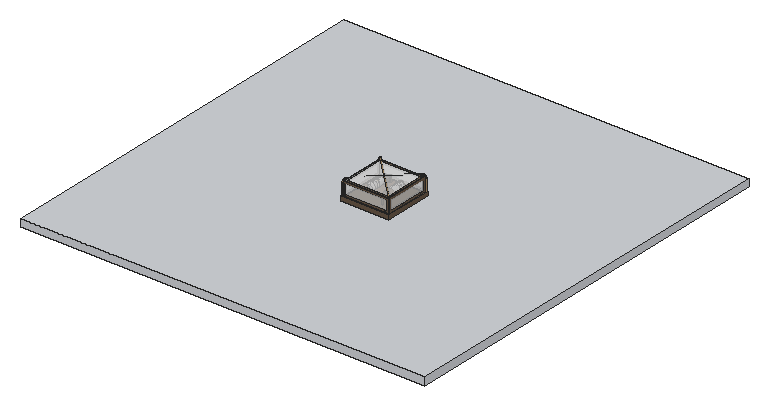
Revit family "P550069-020", category Lighting Fixtures, host Face, Revit 2014
Parameters (values of type "P550069-020")
  Watts = 60 W
  Wattage Comments = "60W"
  Warranty = "1 year Warranty"  # constant formula
  Voltage = 120 V
  URL = "https://www.hubbell.com/progresslighting/en"
  Support = Paint - Hubbell - Light Silver
  Product Link = "https://www.hubbell.com/progresslighting/en/Products/Lighting-Controls/Residential-Indoor-Lighting/Ceiling-Mount/Flush/Barlowe-Collection-Two-Light-Antique-Bronze-and-Clear-Seeded-Glass-Farmhouse-Style-Flush-Mount-Ceiling-Light/p/6643508"
  Product Documentation Link = "https://hubbellcdn.com/specsheet/PROG_P550069-020_spec.pdf"
  Power Factor = 1
  Model = "P550069-020"  # constant formula
  Manufacturer = "Progress Lighting"  # constant formula
  Load Classification = Lighting
  Gold = Hubbell - Gold
  Glass = Paint - Hubbell - White Texture
  Lamp = "LED/CFL/incandescent"  # constant formula
  Housing Material = Hubbell Metal Brass
  Fixture distribution = "Direct"  # constant formula
  Features = "Application: Transform your home into a warm and cozy retreat with the Barlowe Collection 2-Light Antique Bronze Clear Seeded Glass Farmhouse Outdoor Flush Mount Ceiling Light ideal for any hallway, stairwell, entryway, kitchen, sitting room, covered porch, or patio.\r\nStyles: Perfect for farmhouse, coastal, and transitional style settings.\r\nFinish: A rustic cross-brace design decorates the charming square silhouette coated in a handsome antique bronze finish.\r\nMaterials: Constructed from steel to ensure a long product lifespan.\r\nGlass/Shades: Light sources glow through clear seeded glass panes add an extra pop of rustic personality.\r\nBulbs: For ideal illumination, use 2 medium base bulbs that are sold separately (60w max - LED/CFL/incandescent). Compatible with dimmable bulbs.\r\nDimensions: Measures 11-inch length by 11-1/2-inch width by 5-1/2-inch height.\r\nCertifications: cCSAus damp location listed.\r\nPairs With: Pairs with a variety of Progress Lighting fixtures.\r\nWarranty: Our 1-Year Limited Warranty guarantees your complete satisfaction with your purchase and includes professional after-sales customer service support."  # constant formula
  Fab = soft brass
  Description = "Barlowe Collection Two-Light Antique Bronze and Clear Seeded Glass Farmhouse Style Flush Mount Ceiling Light"  # constant formula
  Default Elevation = 48.00"
  Copyright = " ©2021 Progress Lighting, a division of Hubbell Lighting, Inc"  # constant formula
  Contact = "https://www.hubbell.com/progresslighting/en/contactUs"
  Connector Description = "Lighting Connector"  # constant formula
  Assembly Code = "D5020200"
  Apparent Load = Watts / Power Factor  # 60 VA
Reference planes
  plane 1 "Center (Front/Back)": y = 0
  plane 2: z = 14.125
  plane 3 "Center (Left/Right)": x = 0
  plane 4: y = -146.05
  plane 5: y = 146.05
  plane 6: x = 146.05
  plane 7: x = -146.05
  plane 8: z = 266.893
  plane 9: z = 153.825
Forms (mm)
  Extrusion 1, solid
    sketch origin (0, 0, 0) x (1, 0, 0) y (0, 1, 0)
      loop
        line (-1219.2, 1219.2) -> (-1219.2, -1219.2) -> (1219.2, -1219.2) -> (1219.2, 1219.2) -> (-1219.2, 1219.2)
    from 14.125 to -31.75
  Extrusion 2, solid, material "Hubbell Metal Brass" <- "Housing Material"
    sketch origin (0, 0, 0) x (1, 0, 0) y (0, 1, 0)
      loop
        line (-146.05, 146.05) -> (-146.05, -146.05) -> (146.05, -146.05) -> (146.05, 146.05) -> (-146.05, 146.05)
    from 39.236 to 14.125
  Revolve 3, solid, material "Paint - Hubbell - White Texture" <- "Glass"
    sketch origin (-50.8, 75.231, 332.279) x (0, -1, 0) y (0, 0, 1)
      loop
        line (118.601, -257.989) -> (26.929, -257.989) -> (27.726, -274.371)
        arc (27.726, -274.371) -> (48.999, -279.023) -> (70.719, -280.585) r 151.844
        line (70.719, -280.585) -> (85.488, -280.585) -> (104.262, -280.585)
        arc (104.262, -280.585) -> (112.014, -277.945) -> (116.543, -271.123) r 12.7
        arc (116.543, -271.123) -> (117.908, -264.608) -> (118.601, -257.989) r 65.038
      axis (26.929, -257.989) -> (118.601, -257.989)
    angle from 0 to 360
  Revolve 4, solid, material "Paint - Hubbell - White Texture" <- "Glass"
    sketch origin (-51.492, 236.424, 73.854) x (0, -1, 0) y (1, 0, 0)
      loop
        line (188.918, 0) -> (188.918, -3.572) -> (195.268, -3.572) -> (199.759, -8.062) -> (206.109, -8.062) -> (206.109, -1.712) -> (263.259, -1.712) -> (267.993, -1.712)
        arc (267.993, -1.712) -> (268.673, -1.959) -> (269.036, -2.584) r 1.06
        arc (269.036, -2.584) -> (269.848, -3.355) -> (270.826, -2.809) r 0.945
        line (270.826, -2.809) -> (270.826, 0) -> (268.246, 0) -> (188.918, 0)
      axis (188.918, 0) -> (270.826, 0)
    angle from 0 to 360
  Revolve 5, solid, material "Hubbell - Gold" <- "Gold"
    sketch origin (-51.492, 236.424, 23.054) x (0, 0, 1) y (0, -1, 0)
      loop
        line (38.774, 210.341) -> (35.043, 263.693) -> (33.903, 263.693) -> (37.634, 210.341) -> (38.774, 210.341)
      axis (35.038, 263.772) -> (38.774, 210.341)
    angle from 0 to 360
  Revolve 6, solid, material "Hubbell - Gold" <- "Gold"
    sketch origin (-51.492, 236.424, 23.054) x (0, 0, -1) y (0, 1, 0)
      loop
        line (-62.826, -210.341) -> (-63.966, -210.341) -> (-67.718, -263.994) -> (-66.578, -263.994) -> (-62.826, -210.341)
      axis (-66.583, -264.073) -> (-62.826, -210.341)
    angle from 0 to 360
  Sweep 7, solid, material "Paint - Hubbell - White Texture" <- "Glass"
    path origin (-51.468, 249.124, 22.609) x (0, 0, -1) y (0, -1, 0)
      loop
        line (-35.289, 276.483) -> (-35.289, 278.957)
        arc (-35.289, 278.957) -> (-36.192, 281.137) -> (-38.371, 282.039) r 3.082
        line (-38.371, 282.039) -> (-49.578, 282.039)
    profile origin (-51.468, -28.596, 57.898) x (0, 0, 1) y (-1, 0, 0)
      loop
        circle (0, 0.024) r 0.787
  Sweep 8, solid, material "Paint - Hubbell - White Texture" <- "Glass"
    path origin (-51.468, 249.124, 23.451) x (0, 0, 1) y (0, 1, 0)
      loop
        line (66.311, -276.483) -> (66.311, -278.957)
        arc (66.311, -278.957) -> (65.408, -281.137) -> (63.229, -282.039) r 3.082
        line (63.229, -282.039) -> (52.022, -282.039)
    profile origin (-51.468, -28.596, 89.762) x (0, 0, 1) y (-1, 0, 0)
      loop
        circle (0, 0.024) r 0.787
  Sweep 9, solid, material "Paint - Hubbell - White Texture" <- "Glass"
    path origin (-51.468, -252.126, 22.609) x (0, 0, -1) y (0, -1, 0)
      loop
        line (-39.258, -276.483) -> (-39.258, -278.957)
        arc (-39.258, -278.957) -> (-40.16, -281.137) -> (-42.34, -282.039) r 3.082
        line (-42.34, -282.039) -> (-49.578, -282.039)
    profile origin (-51.468, 25.594, 61.866) x (0, 0, -1) y (-1, 0, 0)
      loop
        circle (0, 0.024) r 0.787
  Sweep 10, solid, material "Paint - Hubbell - White Texture" <- "Glass"
    path origin (-51.468, -252.126, 23.451) x (0, 0, 1) y (0, 1, 0)
      loop
        line (62.342, 276.483) -> (62.342, 278.957)
        arc (62.342, 278.957) -> (61.44, 281.137) -> (59.26, 282.039) r 3.082
        line (59.26, 282.039) -> (52.022, 282.039)
    profile origin (-51.468, 25.594, 85.793) x (0, 0, -1) y (-1, 0, 0)
      loop
        circle (0, 0.024) r 0.787
  Sweep 11, solid, material "Paint - Hubbell - White Texture" <- "Glass"
    path origin (0, 0, 0) x (1, 0, 0) y (0, 1, 0)
      loop
        line (-133.35, 133.35) -> (-133.35, -133.35) -> (133.35, -133.35) -> (133.35, 133.35) -> (-133.35, 133.35)
    profile origin (0, 133.35, 0) x (0, 1, 0) y (0, 0, 1)
      loop
        line (0, 39.236) -> (0, 120.516) -> (-2.54, 120.516) -> (-2.54, 39.236) -> (0, 39.236)
  Sweep 12, solid, material "Hubbell Metal Brass" <- "Housing Material"
    path origin (0, 0, 0) x (1, 0, 0) y (0, 1, 0)
      loop
        line (-133.35, 133.35) -> (-133.35, -133.35) -> (133.35, -133.35) -> (133.35, 133.35) -> (-133.35, 133.35)
    profile origin (0, 133.35, 0) x (0, 1, 0) y (0, 0, 1)
      loop
        line (3.175, 39.236) -> (3.175, 51.936) -> (0, 51.936) -> (0, 39.236) -> (3.175, 39.236)
  Sweep 13, solid, material "Hubbell Metal Brass" <- "Housing Material"
    path origin (0, 0, 159.886) x (0, -1, 0) y (1, 0, 0)
      loop
        line (-133.35, -133.35) -> (133.35, -133.35) -> (133.35, 133.35) -> (-133.35, 133.35) -> (-133.35, -133.35)
    profile origin (0, 133.35, 159.886) x (0, 1, 0) y (0, 0, 1)
      loop
        line (3.175, -39.236) -> (0, -39.236) -> (0, -51.936) -> (3.175, -51.936) -> (3.175, -39.236)
  Extrusion 14, solid, material "Hubbell Metal Brass" <- "Housing Material"
    sketch origin (0, 0, 0) x (1, 0, 0) y (0, 1, 0)
      loop
        line (133.35, 133.35) -> (133.35, 123.303) -> (136.525, 123.303) -> (136.525, 136.525) -> (123.303, 136.525) -> (123.303, 133.35) -> (133.35, 133.35)
      loop
        line (-133.35, 133.35) -> (-123.303, 133.35) -> (-123.303, 136.525) -> (-136.525, 136.525) -> (-136.525, 123.303) -> (-133.35, 123.303) -> (-133.35, 133.35)
      loop
        line (133.35, -133.35) -> (123.303, -133.35) -> (123.303, -136.525) -> (136.525, -136.525) -> (136.525, -123.303) -> (133.35, -123.303) -> (133.35, -133.35)
      loop
        line (-133.35, -133.35) -> (-133.35, -123.303) -> (-136.525, -123.303) -> (-136.525, -136.525) -> (-123.303, -136.525) -> (-123.303, -133.35) -> (-133.35, -133.35)
    from 120.65 to 39.236
  Revolve 15, solid, material "Hubbell Metal Brass" <- "Housing Material"
    sketch origin (0, 0, 72.663) x (1, 0, 0) y (0, 1, 0)
      loop
        line (-51.492, 47.506) -> (-32.442, 47.506) -> (-32.442, 77.702)
        arc (-32.442, 77.702) -> (-33.337, 80.952) -> (-35.769, 83.286) r 6.35
        arc (-35.769, 83.286) -> (-43.426, 85.835) -> (-51.492, 85.606) r 23.195
        line (-51.492, 85.606) -> (-51.492, 47.506)
      axis (-51.492, 47.506) -> (-51.492, 85.606)
    angle from 0 to 360
  Sweep 16, solid, material "Hubbell Metal Brass" <- "Housing Material"
    path origin (0, 0, 0) x (0, 1, 0) y (0, 0, 1)
      loop
        line (84.48, 72.841) -> (105.333, 72.841) -> (107.357, 72.841)
        arc (107.357, 72.841) -> (111.847, 70.981) -> (113.707, 66.491) r 6.35
        line (113.707, 66.491) -> (113.707, 34.741)
    profile origin (0, 94.906, 72.841) x (0, 0, 1) y (1, 0, 0)
      loop
        circle (0, -51.594) r 3.983
  Extrusion 17, solid, material "Hubbell Metal Brass" <- "Housing Material"
    sketch origin (0, 0, 0) x (1, 0, 0) y (0, 1, 0)
      loop
        line (-136.525, 136.525) -> (-136.525, -136.525) -> (136.525, -136.525) -> (136.525, 136.525) -> (-136.525, 136.525)
      loop
        line (123.825, -123.825) -> (123.825, 123.825) -> (-123.825, 123.825) -> (-123.825, -123.825) -> (123.825, -123.825)
    from 120.65 to 119.38
  Extrusion 18, solid, material "Paint - Hubbell - White Texture" <- "Glass"
    sketch origin (0, 0, 0) x (1, 0, 0) y (0, 1, 0)
      loop
        line (-123.825, 123.825) -> (-123.825, -123.825) -> (123.825, -123.825) -> (123.825, 123.825) -> (-123.825, 123.825)
    from 119.38 to 120.65
  Sweep 19, solid, material "soft brass" <- "Fab"
    path origin (-0.622, -0.228, 0) x (-0.707107, 0.707107, 0) y (0, 0, 1)
      loop
        line (-200.909, 39.236) -> (-200.909, 112.644)
        arc (-200.909, 112.644) -> (-193.47, 130.605) -> (-175.509, 138.044) r 25.4
        line (-175.509, 138.044) -> (173.78, 138.044)
        arc (173.78, 138.044) -> (191.741, 130.605) -> (199.18, 112.644) r 25.4
        line (199.18, 112.644) -> (199.18, 39.236)
    profile origin (141.442, -142.292, 75.94) x (0.707107, -0.707107, 0) y (0.707107, 0.707107, 0)
      loop
        line (0, -1.698) -> (0, 1.625) -> (-1.03, 1.625) -> (-1.03, -1.698) -> (0, -1.698)
  Sweep 20, solid, material "soft brass" <- "Fab"
    path origin (0.601, -0.279, 0) x (0.707107, 0.707107, 0) y (0, 0, 1)
      loop
        line (-200.909, 39.236) -> (-200.909, 112.644)
        arc (-200.909, 112.644) -> (-193.47, 130.605) -> (-175.509, 138.044) r 25.4
        line (-175.509, 138.044) -> (-7.328, 138.044)
        arc (-7.328, 138.044) -> (-0.978, 140.99) -> (5.372, 138.044) r 8.318
        line (5.372, 138.044) -> (173.78, 138.044)
        arc (173.78, 138.044) -> (191.741, 130.605) -> (199.18, 112.644) r 25.4
        line (199.18, 112.644) -> (199.18, 39.236)
    profile origin (-141.464, -142.343, 75.94) x (-0.707107, -0.707107, 0) y (0.707107, -0.707107, 0)
      loop
        line (0, -1.698) -> (0, 1.625) -> (-1.03, 1.625) -> (-1.03, -1.698) -> (0, -1.698)
  Revolve 21, solid, material "Paint - Hubbell - White Texture" <- "Glass"
    sketch origin (50.8, -40.753, 332.279) x (0, 1, 0) y (0, 0, 1)
      loop
        line (118.601, -257.989) -> (26.838, -257.989) -> (27.726, -274.371)
        arc (27.726, -274.371) -> (48.999, -279.023) -> (70.719, -280.585) r 151.844
        line (70.719, -280.585) -> (85.488, -280.585) -> (104.262, -280.585)
        arc (104.262, -280.585) -> (112.014, -277.945) -> (116.543, -271.123) r 12.7
        arc (116.543, -271.123) -> (117.908, -264.608) -> (118.601, -257.989) r 65.038
      axis (26.838, -257.989) -> (118.601, -257.989)
    angle from 0 to 360
  Revolve 22, solid, material "Paint - Hubbell - White Texture" <- "Glass"
    sketch origin (51.492, -201.946, 73.854) x (0, 1, 0) y (-1, 0, 0)
      loop
        line (188.918, 0) -> (188.918, -3.572) -> (195.268, -3.572) -> (199.759, -8.062) -> (206.109, -8.062) -> (206.109, -1.712) -> (263.259, -1.712) -> (267.993, -1.712)
        arc (267.993, -1.712) -> (268.673, -1.959) -> (269.036, -2.584) r 1.06
        arc (269.036, -2.584) -> (269.848, -3.355) -> (270.826, -2.809) r 0.945
        line (270.826, -2.809) -> (270.826, 0) -> (268.246, 0) -> (188.918, 0)
      axis (188.918, 0) -> (270.826, 0)
    angle from 0 to 360
  Revolve 23, solid, material "Hubbell - Gold" <- "Gold"
    sketch origin (51.492, -201.946, 23.054) x (0, 0, 1) y (0, 1, 0)
      loop
        line (38.774, 210.341) -> (35.043, 263.693) -> (33.903, 263.693) -> (37.634, 210.341) -> (38.774, 210.341)
      axis (35.038, 263.772) -> (38.774, 210.341)
    angle from 0 to 360
  Revolve 24, solid, material "Hubbell - Gold" <- "Gold"
    sketch origin (51.492, -201.946, 23.054) x (0, 0, -1) y (0, -1, 0)
      loop
        line (-62.826, -210.341) -> (-63.966, -210.341) -> (-67.718, -263.994) -> (-66.578, -263.994) -> (-62.826, -210.341)
      axis (-66.583, -264.073) -> (-62.826, -210.341)
    angle from 0 to 360
  Sweep 25, solid, material "Paint - Hubbell - White Texture" <- "Glass"
    path origin (51.468, -214.646, 22.609) x (0, 0, -1) y (0, 1, 0)
      loop
        line (-35.289, 276.483) -> (-35.289, 278.957)
        arc (-35.289, 278.957) -> (-36.192, 281.137) -> (-38.371, 282.039) r 3.082
        line (-38.371, 282.039) -> (-49.578, 282.039)
    profile origin (51.468, 63.075, 57.898) x (0, 0, 1) y (1, 0, 0)
      loop
        circle (0, 0.024) r 0.787
  Sweep 26, solid, material "Paint - Hubbell - White Texture" <- "Glass"
    path origin (51.468, -214.646, 23.451) x (0, 0, 1) y (0, -1, 0)
      loop
        line (66.311, -276.483) -> (66.311, -278.957)
        arc (66.311, -278.957) -> (65.408, -281.137) -> (63.229, -282.039) r 3.082
        line (63.229, -282.039) -> (52.022, -282.039)
    profile origin (51.468, 63.075, 89.762) x (0, 0, 1) y (1, 0, 0)
      loop
        circle (0, 0.024) r 0.787
  Sweep 27, solid, material "Paint - Hubbell - White Texture" <- "Glass"
    path origin (51.468, 286.604, 22.609) x (0, 0, -1) y (0, 1, 0)
      loop
        line (-39.258, -276.483) -> (-39.258, -278.957)
        arc (-39.258, -278.957) -> (-40.16, -281.137) -> (-42.34, -282.039) r 3.082
        line (-42.34, -282.039) -> (-49.578, -282.039)
    profile origin (51.468, 8.884, 61.866) x (0, 0, -1) y (1, 0, 0)
      loop
        circle (0, 0.024) r 0.787
  Sweep 28, solid, material "Paint - Hubbell - White Texture" <- "Glass"
    path origin (51.468, 286.604, 23.451) x (0, 0, 1) y (0, -1, 0)
      loop
        line (62.342, 276.483) -> (62.342, 278.957)
        arc (62.342, 278.957) -> (61.44, 281.137) -> (59.26, 282.039) r 3.082
        line (59.26, 282.039) -> (52.022, 282.039)
    profile origin (51.468, 8.884, 85.793) x (0, 0, -1) y (1, 0, 0)
      loop
        circle (0, 0.024) r 0.787
  Revolve 29, solid, material "Hubbell Metal Brass" <- "Housing Material"
    sketch origin (0, 34.479, 72.663) x (-1, 0, 0) y (0, -1, 0)
      loop
        line (-51.492, 47.506) -> (-32.442, 47.506) -> (-32.442, 77.702)
        arc (-32.442, 77.702) -> (-33.337, 80.952) -> (-35.769, 83.286) r 6.35
        arc (-35.769, 83.286) -> (-43.426, 85.835) -> (-51.492, 85.606) r 23.195
        line (-51.492, 85.606) -> (-51.492, 47.506)
      axis (-51.492, 47.506) -> (-51.492, 85.606)
    angle from 0 to 360
  Sweep 30, solid, material "Hubbell Metal Brass" <- "Housing Material"
    path origin (50.8, 34.479, 0) x (0, -1, 0) y (0, 0, 1)
      loop
        line (84.48, 72.841) -> (105.333, 72.841) -> (107.357, 72.841)
        arc (107.357, 72.841) -> (111.847, 70.981) -> (113.707, 66.491) r 6.35
        line (113.707, 66.491) -> (113.707, 34.741)
    profile origin (50.8, -60.428, 72.841) x (0, 0, 1) y (-1, 0, 0)
      loop
        circle (0, 0) r 3.983
Cuts and joins
  joined: Sweep 12, Sweep 13, Extrusion 14, Extrusion 17
Dimensions and locks
  equal spacing: plane 4, plane 1 "Center (Front/Back)", plane 5
  plane 4 to plane 5 = 11.50"
  plane 5 to plane 4 = 11.50"
  plane 6 to plane 7 = 11.50"
  equal spacing: plane 6, plane 3 "Center (Left/Right)", plane 7
  plane 7 to plane 6 = 11.50"
  equal spacing: plane 7, plane 3 "Center (Left/Right)", plane 6
  aligned and locked: plane 2 to Extrusion 1
Automatic sketch dimensions
  Extrusion 1 sketch curve to Extrusion 1 sketch curve = 96.00"  (x2)
  plane 4 to Extrusion 2 sketch curve = 0.00"
  Extrusion 2 sketch curve to plane 7 = 0.00"
  Extrusion 2 sketch curve to plane 6 = 0.00"
  plane 5 to Extrusion 2 sketch curve = 0.00"
  Revolve 3 sketch curve to plane 1 "Center (Front/Back)" = 1.90168"
  Revolve 3 sketch curve to Revolve 3 sketch curve = 0.03137"
  Revolve 3 sketch curve to plane 1 "Center (Front/Back)" = 0.8495"
  Revolve 3 sketch curve to plane 1 "Center (Front/Back)" = 0.17764"
  plane 1 "Center (Front/Back)" to Revolve 3 sketch curve = 0.40379"
  Revolve 3 sketch curve to Revolve 3 sketch curve = 0.73916"
  Revolve 3 sketch curve to Revolve 3 sketch curve = 0.5645"
  plane 2 to Revolve 3 sketch curve = 1.47909"
  Revolve 3 sketch curve to Revolve 3 sketch curve = 0.24464"
  Revolve 3 sketch curve to Revolve 3 sketch curve = 0.50"
  Revolve 3 sketch curve to Revolve 3 sketch curve = 0.64496"
  Revolve 3 sketch curve to Revolve 3 sketch curve = 0.13579"
  Revolve 3 sketch curve to Revolve 3 sketch curve = 0.50358"
  Revolve 3 sketch curve to Revolve 3 sketch curve = 0.14235"
  Revolve 3 sketch curve to Revolve 3 sketch curve = 0.00"
  Revolve 4 sketch curve to plane 1 "Center (Front/Back)" = 1.87031"
  Revolve 4 sketch curve to Revolve 4 sketch curve = 0.25"  (x3)
  Revolve 4 sketch curve to Revolve 4 sketch curve = 0.17678"  (x2)
  plane 1 "Center (Front/Back)" to Revolve 4 sketch curve = 1.05647"
  Revolve 4 sketch curve to Revolve 4 sketch curve = 0.1864"
  Revolve 4 sketch curve to Revolve 4 sketch curve = 0.00996"
  Revolve 4 sketch curve to Revolve 4 sketch curve = 0.07767"
  Revolve 4 sketch curve to Revolve 4 sketch curve = 0.03385"
  Revolve 4 sketch curve to plane 3 "Center (Left/Right)" = 2.34464"
  Revolve 4 sketch curve to plane 3 "Center (Left/Right)" = 2.13782"
  Revolve 4 sketch curve to Revolve 4 sketch curve = 0.00146"
  Revolve 4 sketch curve to Revolve 4 sketch curve = 0.01542"
  Revolve 4 sketch curve to Revolve 4 sketch curve = 0.09516"
  Revolve 4 sketch curve to Revolve 4 sketch curve = 0.00"
  plane 4 to Revolve 4 sketch curve = 1.12969"
  Revolve 4 sketch curve to plane 3 "Center (Left/Right)" = 2.02724"
  plane 2 to Revolve 5 sketch curve = 1.6863"
  Revolve 5 sketch curve to Revolve 5 sketch curve = 0.04488"  (x2)
  plane 2 to Revolve 5 sketch curve = 1.83318"
  Revolve 5 sketch curve to plane 1 "Center (Front/Back)" = 1.02689"
  plane 1 "Center (Front/Back)" to Revolve 5 sketch curve = 1.07357"
  Revolve 5 sketch curve to Revolve 5 sketch curve = 0.01011"
  Revolve 5 sketch curve to Revolve 5 sketch curve = 0.00483"
  Revolve 5 sketch curve to Revolve 5 sketch curve = 0.06901"
  Revolve 5 sketch curve to Revolve 5 sketch curve = 0.49731"
  plane 1 "Center (Front/Back)" to Revolve 6 sketch curve = 1.08542"
  plane 9 to Revolve 6 sketch curve = 2.48243"
  Revolve 6 sketch curve to Revolve 6 sketch curve = 0.04488"  (x2)
  Revolve 6 sketch curve to plane 1 "Center (Front/Back)" = 1.02689"
  Revolve 6 sketch curve to Revolve 6 sketch curve = 0.10283"
  Revolve 6 sketch curve to Revolve 6 sketch curve = 0.01094"
  Revolve 6 sketch curve to plane 1 "Center (Front/Back)" = 1.09589"
  Revolve 6 sketch curve to Revolve 6 sketch curve = 0.00483"
  Revolve 6 sketch curve to Revolve 6 sketch curve = 0.48545"
  plane 2 to Sweep 7 sketch curve = 1.84468"
  Sweep 7 sketch curve to Sweep 7 sketch curve = 0.12134"
  plane 1 "Center (Front/Back)" to Sweep 7 sketch curve = 1.17453"
  Sweep 7 sketch curve to Sweep 7 sketch curve = 0.4412"
  Sweep 7 sketch curve to Sweep 7 sketch curve = 0.09741"
  Sweep 7 sketch curve to profile plane = 0.00"
  profile plane to Sweep 7 sketch curve = 0.00095"
  plane 1 "Center (Front/Back)" to Sweep 8 sketch curve = 1.29587"
  plane 9 to Sweep 8 sketch curve = 2.64353"
  Sweep 8 sketch curve to Sweep 8 sketch curve = 0.12134"
  Sweep 8 sketch curve to Sweep 8 sketch curve = 0.4412"
  Sweep 8 sketch curve to Sweep 8 sketch curve = 0.09741"
  Sweep 8 sketch curve to profile plane = 0.00"
  profile plane to Sweep 8 sketch curve = 0.00095"
  Sweep 9 sketch curve to plane 1 "Center (Front/Back)" = 1.1777"
  plane 2 to Sweep 9 sketch curve = 2.00093"
  Sweep 9 sketch curve to Sweep 9 sketch curve = 0.12134"
  Sweep 9 sketch curve to Sweep 9 sketch curve = 0.28495"
  Sweep 9 sketch curve to Sweep 9 sketch curve = 0.09741"
  Sweep 9 sketch curve to profile plane = 0.00"
  profile plane to Sweep 9 sketch curve = 0.00095"
  Sweep 10 sketch curve to plane 1 "Center (Front/Back)" = 1.1777"
  plane 2 to Sweep 10 sketch curve = 2.70022"
  Sweep 10 sketch curve to Sweep 10 sketch curve = 0.12134"
  Sweep 10 sketch curve to Sweep 10 sketch curve = 0.28495"
  Sweep 10 sketch curve to Sweep 10 sketch curve = 0.09741"
  Sweep 10 sketch curve to profile plane = 0.00"
  profile plane to Sweep 10 sketch curve = 0.00095"
  plane 7 to Sweep 11 sketch curve = 0.50"
  Sweep 11 sketch curve to plane 6 = 0.50"
  Sweep 11 sketch curve to plane 4 = 0.50"
  plane 5 to Sweep 11 sketch curve = 0.50"
  Sweep 11 sketch curve to profile plane = 0.00"
  profile plane to Sweep 11 sketch curve = 0.10"
  level to Sweep 11 sketch curve = 1.54473"
  Sweep 11 sketch curve to Sweep 11 sketch curve = 3.20"
  plane 7 to Sweep 12 sketch curve = 0.50"
  Sweep 12 sketch curve to plane 6 = 0.50"
  Sweep 12 sketch curve to plane 4 = 0.50"
  plane 5 to Sweep 12 sketch curve = 0.50"
  Sweep 12 sketch curve to profile plane = 0.00"
  Sweep 12 sketch curve to profile plane = 0.125"
  level to Sweep 12 sketch curve = 1.54473"
  Sweep 12 sketch curve to Sweep 12 sketch curve = 0.50"
  plane 5 to Sweep 13 sketch curve = 0.50"
  Sweep 13 sketch curve to plane 4 = 0.50"
  plane 7 to Sweep 13 sketch curve = 0.50"
  Sweep 13 sketch curve to plane 6 = 0.50"
  Sweep 13 sketch curve to profile plane = 0.00"
  Sweep 13 sketch curve to profile plane = 0.125"
  Sweep 13 sketch curve to profile plane = 2.04473"
  Sweep 13 sketch curve to Sweep 13 sketch curve = 0.50"
  plane 7 to Extrusion 14 sketch curve = 0.375"  (x2)
  Extrusion 14 sketch curve to Extrusion 14 sketch curve = 0.125"  (x8)
  Extrusion 14 sketch curve to Extrusion 14 sketch curve = 0.39554"  (x5)
  plane 5 to Extrusion 14 sketch curve = 0.375"  (x2)
  Extrusion 14 sketch curve to plane 6 = 0.89554"  (x2)
  Extrusion 14 sketch curve to plane 6 = 0.50"  (x2)
  Extrusion 14 sketch curve to plane 4 = 0.89554"  (x2)
  Extrusion 14 sketch curve to plane 4 = 0.50"
  Revolve 15 sketch curve to plane 3 "Center (Left/Right)" = 2.02724"
  Revolve 15 sketch curve to Revolve 15 sketch curve = 0.18428"
  Revolve 15 sketch curve to Revolve 15 sketch curve = 0.50"
  Revolve 15 sketch curve to Revolve 15 sketch curve = 0.75"
  Revolve 15 sketch curve to plane 1 "Center (Front/Back)" = 1.87031"
  Revolve 15 sketch curve to Revolve 15 sketch curve = 0.6056"
  Revolve 15 sketch curve to Revolve 15 sketch curve = 0.58322"
  Revolve 15 sketch curve to Revolve 15 sketch curve = 0.31118"
  Revolve 15 sketch curve to Revolve 15 sketch curve = 0.00"  (x3)
  plane 5 to Sweep 16 sketch curve = 1.60304"
  Sweep 16 sketch curve to Sweep 16 sketch curve = 0.07968"
  Sweep 16 sketch curve to Sweep 16 sketch curve = 0.25"
  plane 2 to Sweep 16 sketch curve = 2.06166"
  Sweep 16 sketch curve to Sweep 16 sketch curve = 0.82099"
  plane 2 to Sweep 16 sketch curve = 0.81166"
  Sweep 16 sketch curve to profile plane = 0.00"
  Sweep 16 sketch curve to plane 3 "Center (Left/Right)" = 2.03125"
  plane 7 to Extrusion 17 sketch curve = 0.375"
  Extrusion 17 sketch curve to Extrusion 17 sketch curve = 0.50"  (x2)
  Extrusion 17 sketch curve to plane 6 = 0.875"
  Extrusion 17 sketch curve to plane 6 = 0.375"
  Extrusion 17 sketch curve to plane 4 = 0.375"
  plane 5 to Extrusion 17 sketch curve = 0.875"
  plane 5 to Extrusion 17 sketch curve = 0.375"
  plane 7 to Extrusion 18 sketch curve = 0.875"
  Extrusion 18 sketch curve to plane 6 = 0.875"
  Extrusion 18 sketch curve to plane 4 = 0.875"
  plane 5 to Extrusion 18 sketch curve = 0.875"
  plane 9 to Sweep 19 sketch curve = 1.62128"
  Sweep 19 sketch curve to Sweep 19 sketch curve = 1.00"  (x2)
  Sweep 19 sketch curve to Sweep 19 sketch curve = 13.75155"
  plane 2 to Sweep 19 sketch curve = 0.98863"  (x2)
  Sweep 19 sketch curve to profile plane = 0.00"
  Sweep 19 sketch curve to Sweep 19 sketch curve = 0.04056"
  Sweep 19 sketch curve to profile plane = 0.06683"
  profile plane to Sweep 19 sketch curve = 0.06399"
  plane 9 to Sweep 20 sketch curve = 1.62128"  (x2)
  plane 9 to Sweep 20 sketch curve = 0.62128"
  Sweep 20 sketch curve to Sweep 20 sketch curve = 6.62131"
  Sweep 20 sketch curve to Sweep 20 sketch curve = 0.25"  (x2)
  Sweep 20 sketch curve to Sweep 20 sketch curve = 6.63024"
  Sweep 20 sketch curve to Sweep 20 sketch curve = 0.2115"
  plane 2 to Sweep 20 sketch curve = 0.98863"  (x2)
  Sweep 20 sketch curve to profile plane = 0.00"
  Sweep 20 sketch curve to Sweep 20 sketch curve = 0.04056"
  Sweep 20 sketch curve to profile plane = 0.06683"
  profile plane to Sweep 20 sketch curve = 0.06399"
  plane 1 "Center (Front/Back)" to Revolve 21 sketch curve = 0.54783"
  plane 1 "Center (Front/Back)" to Revolve 21 sketch curve = 0.51288"
  Revolve 21 sketch curve to Revolve 21 sketch curve = 1.05575"
  Revolve 21 sketch curve to plane 1 "Center (Front/Back)" = 1.17978"
  Revolve 21 sketch curve to Revolve 21 sketch curve = 0.58144"
  Revolve 21 sketch curve to Revolve 21 sketch curve = 0.73916"
  Revolve 21 sketch curve to Revolve 21 sketch curve = 0.5645"
  plane 2 to Revolve 21 sketch curve = 1.47909"
  Revolve 21 sketch curve to Revolve 21 sketch curve = 0.24464"
  Revolve 21 sketch curve to Revolve 21 sketch curve = 0.50"
  Revolve 21 sketch curve to Revolve 21 sketch curve = 0.64496"
  Revolve 21 sketch curve to Revolve 21 sketch curve = 0.13579"
  plane 1 "Center (Front/Back)" to Revolve 21 sketch curve = 1.04783"
  Revolve 21 sketch curve to Revolve 21 sketch curve = 0.14235"
  Revolve 21 sketch curve to Revolve 21 sketch curve = 0.00"
  plane 1 "Center (Front/Back)" to Revolve 22 sketch curve = 0.51288"
  Revolve 22 sketch curve to Revolve 22 sketch curve = 0.25"  (x3)
  Revolve 22 sketch curve to Revolve 22 sketch curve = 0.17678"  (x2)
  Revolve 22 sketch curve to Revolve 22 sketch curve = 2.25"
  Revolve 22 sketch curve to Revolve 22 sketch curve = 0.1864"
  Revolve 22 sketch curve to Revolve 22 sketch curve = 0.00996"
  Revolve 22 sketch curve to Revolve 22 sketch curve = 0.07767"
  Revolve 22 sketch curve to Revolve 22 sketch curve = 0.03385"
  plane 3 "Center (Left/Right)" to Revolve 22 sketch curve = 2.34464"
  plane 3 "Center (Left/Right)" to Revolve 22 sketch curve = 2.13782"
  Revolve 22 sketch curve to Revolve 22 sketch curve = 0.00146"
  Revolve 22 sketch curve to Revolve 22 sketch curve = 0.01542"
  Revolve 22 sketch curve to Revolve 22 sketch curve = 0.09516"
  Revolve 22 sketch curve to Revolve 22 sketch curve = 0.00"
  Revolve 22 sketch curve to plane 5 = 2.48712"
  plane 3 "Center (Left/Right)" to Revolve 22 sketch curve = 2.02724"
  plane 2 to Revolve 23 sketch curve = 1.6863"
  Revolve 23 sketch curve to Revolve 23 sketch curve = 0.04488"  (x2)
  plane 2 to Revolve 23 sketch curve = 1.83318"
  Revolve 23 sketch curve to plane 1 "Center (Front/Back)" = 0.33054"
  Revolve 23 sketch curve to Revolve 23 sketch curve = 2.10046"
  Revolve 23 sketch curve to Revolve 23 sketch curve = 0.01011"
  Revolve 23 sketch curve to plane 1 "Center (Front/Back)" = 0.26153"
  Revolve 23 sketch curve to Revolve 23 sketch curve = 0.00483"
  Revolve 23 sketch curve to Revolve 23 sketch curve = 0.49731"
  plane 9 to Revolve 24 sketch curve = 2.48243"
  Revolve 24 sketch curve to Revolve 24 sketch curve = 0.04488"  (x2)
  Revolve 24 sketch curve to plane 1 "Center (Front/Back)" = 0.33054"
  Revolve 24 sketch curve to Revolve 24 sketch curve = 0.10283"
  Revolve 24 sketch curve to Revolve 24 sketch curve = 2.11231"
  Revolve 24 sketch curve to Revolve 24 sketch curve = 0.01094"
  Revolve 24 sketch curve to plane 1 "Center (Front/Back)" = 0.26153"
  Revolve 24 sketch curve to Revolve 24 sketch curve = 0.00483"
  Revolve 24 sketch curve to Revolve 24 sketch curve = 0.48545"
  plane 2 to Sweep 25 sketch curve = 1.84468"
  Sweep 25 sketch curve to Sweep 25 sketch curve = 0.12134"
  plane 5 to Sweep 25 sketch curve = 3.21804"
  Sweep 25 sketch curve to Sweep 25 sketch curve = 0.4412"
  Sweep 25 sketch curve to Sweep 25 sketch curve = 0.09741"
  Sweep 25 sketch curve to profile plane = 0.00"
  profile plane to Sweep 25 sketch curve = 0.00095"
  plane 9 to Sweep 26 sketch curve = 2.64353"
  Sweep 26 sketch curve to Sweep 26 sketch curve = 0.12134"
  plane 5 to Sweep 26 sketch curve = 3.0967"
  Sweep 26 sketch curve to Sweep 26 sketch curve = 0.4412"
  Sweep 26 sketch curve to Sweep 26 sketch curve = 0.09741"
  Sweep 26 sketch curve to profile plane = 0.00"
  profile plane to Sweep 26 sketch curve = 0.00095"
  Sweep 27 sketch curve to plane 1 "Center (Front/Back)" = 0.17973"
  plane 2 to Sweep 27 sketch curve = 2.00093"
  Sweep 27 sketch curve to Sweep 27 sketch curve = 0.12134"
  Sweep 27 sketch curve to Sweep 27 sketch curve = 0.28495"
  Sweep 27 sketch curve to Sweep 27 sketch curve = 0.09741"
  Sweep 27 sketch curve to profile plane = 0.00"
  profile plane to Sweep 27 sketch curve = 0.00095"
  Sweep 28 sketch curve to plane 1 "Center (Front/Back)" = 0.17973"
  plane 2 to Sweep 28 sketch curve = 2.70022"
  Sweep 28 sketch curve to Sweep 28 sketch curve = 0.12134"
  Sweep 28 sketch curve to Sweep 28 sketch curve = 0.28495"
  Sweep 28 sketch curve to Sweep 28 sketch curve = 0.09741"
  Sweep 28 sketch curve to profile plane = 0.00"
  profile plane to Sweep 28 sketch curve = 0.00095"
  plane 1 "Center (Front/Back)" to Revolve 29 sketch curve = 0.51288"
  plane 3 "Center (Left/Right)" to Revolve 29 sketch curve = 2.02724"
  Revolve 29 sketch curve to Revolve 29 sketch curve = 0.18428"
  Revolve 29 sketch curve to Revolve 29 sketch curve = 0.50"
  Revolve 29 sketch curve to Revolve 29 sketch curve = 0.75"
  plane 1 "Center (Front/Back)" to Revolve 29 sketch curve = 1.11848"
  Revolve 29 sketch curve to Revolve 29 sketch curve = 0.58322"
  Revolve 29 sketch curve to Revolve 29 sketch curve = 0.31118"
  Revolve 29 sketch curve to Revolve 29 sketch curve = 0.00"  (x3)
  plane 1 "Center (Front/Back)" to Sweep 30 sketch curve = 2.78953"
  Sweep 30 sketch curve to Sweep 30 sketch curve = 0.07968"
  Sweep 30 sketch curve to Sweep 30 sketch curve = 0.25"
  plane 2 to Sweep 30 sketch curve = 2.06166"
  Sweep 30 sketch curve to Sweep 30 sketch curve = 0.82099"
  plane 2 to Sweep 30 sketch curve = 0.81166"
  Sweep 30 sketch curve to profile plane = 0.00"
  profile plane to Sweep 30 sketch curve = 0.00"
  radius of Sweep 7 sketch curve = 0.031"
  radius of Sweep 8 sketch curve = 0.031"
  radius of Sweep 9 sketch curve = 0.031"
  radius of Sweep 10 sketch curve = 0.031"
  radius of Sweep 16 sketch curve = 0.1568"
  radius of Sweep 25 sketch curve = 0.031"
  radius of Sweep 26 sketch curve = 0.031"
  radius of Sweep 27 sketch curve = 0.031"
  radius of Sweep 28 sketch curve = 0.031"
  radius of Sweep 30 sketch curve = 0.1568"
Nested families
  nested 1: "Light Source" at (51.077, -79.375, 114.3), type "Light Source"
  nested 2: "Light Source" at (-50.523, -79.375, 114.3), type "Light Source"
Connectors
  electrical at (0, 0, 14.125), driven by "Connector Description", driven by "Power Factor", driven by "Apparent Load", driven by "Voltage", driven by "Load Classification"
    settings: on Extrusion 2, index 1, voltage 120 V, apparent load 60 VA, apparent load phase1 0 VA, apparent load phase2 0 VA, apparent load phase3 0 VA, power factor 1, load classification "Lighting", number of poles 1, system type 30, power factor state 1, is connector primary yes, connector utility no, sub classification motor no, connector description "Lighting Connector"
Definition of nested family "Light Source"
  Parameters (values of type "Light Source")
    Wattage = 60 W
    built-in parameter 1150110 = 1 (stored number, unit not read)
    built-in parameter 1114217 = 1 (stored number, unit not read)
    Tilt Angle = 60.00°
    built-in parameter 1150109 = 1 (stored number, unit not read)
    built-in parameter 1150134 = 3
    built-in parameter 1150113 = 1 (stored number, unit not read)
    Photometric Web File = "generic"
    built-in parameter 1150142 = (empty or 0)
    built-in parameter 1150105 = 477.46 (stored number, unit not read)
    Lumens = 6000 lm
    built-in parameter 1150115 = 1 (stored number, unit not read)
    built-in parameter 1150137 = (empty or 0)
    built-in parameter 1150139 = (empty or 0)
    built-in parameter 1150112 = 1 (stored number, unit not read)
    built-in parameter 1150114 = 1 (stored number, unit not read)
    built-in parameter 1150132 = (empty or 0)
    built-in parameter 1150102 = (empty or 0)
    built-in parameter 1150107 = 3200 (stored number, unit not read)
    built-in parameter 1150138 = (empty or 0)
    built-in parameter 1150106 = 4.7746 (stored number, unit not read)
    built-in parameter 1150104 = 9.2903 (stored number, unit not read)
    Dimming Lamp Color Temperature Shift = (empty or 0)
    Color Filter = 16777215
    built-in parameter 1114218 = 1 (stored number, unit not read)
    built-in parameter 1150133 = 10 (stored number, unit not read)
  Reference planes
    plane 1 "Center (Front/Back)": y = 0
    plane 2: z = 0
    plane 3 "Center (Left/Right)": x = 0
  Dimensions and locks
    aligned and locked: level to plane 2
